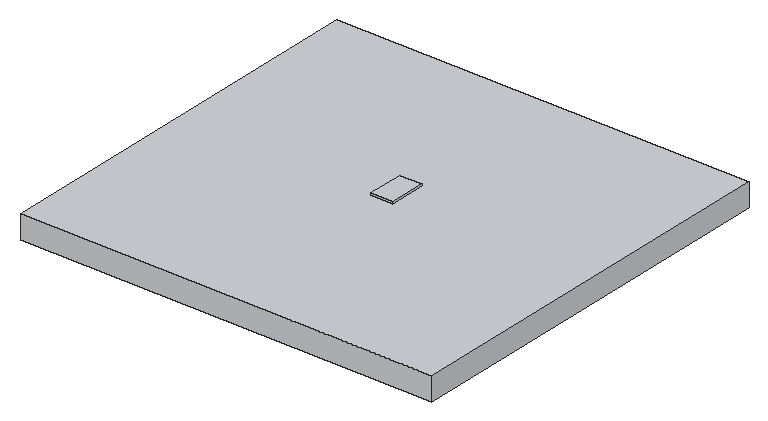
Revit family "4112aac8db054900bd03c7928ebb8204", category Electrical Fixtures, host Face, Revit 2026
Family settings
  Host = Face
  Round Connector Dimension = Use Diameter
  Part Type = Normal
  Seek Item ID = Duplex Receptacle-0000-CAN-ENU
  Cut with Voids When Loaded = No
  Maintain Annotation Orientation = Yes
  Shared = No
  Room Calculation Point = No
Parameters (values of type "GFCI")
  Switch Voltage = 120 V
  Load Classification = Receptacle
  Load = 180 VA
  Label = "GFCI"
  Default Elevation = 1200 mm
Types (2, lengths in mm): name | Label | Default Elevation
  GFCI | "GFCI" | 1200
  Standard | "" | 460
Reference planes
  plane 1 "Center (Front/Back)": y = 0
  plane 2: z = 0
  plane 3 "Center (Left/Right)": x = 0
  plane 4: x = -34.925
  plane 5: x = 34.925
  plane 6: x = -19.05
  plane 7: x = 19.05
  plane 8: y = 57.15
  plane 9: y = -57.15
  plane 10: y = 38.1
  plane 11: y = -38.1
  plane 12 "level above": z = 4.762
  plane 13 "level below": z = -53.975
Forms (mm)
  Extrusion 1, solid
    sketch origin (0, 0, 0) x (1, 0, 0) y (0, 1, 0)
      loop
        line (-644.525, 571.5) -> (-644.525, -666.75) -> (644.525, -666.75) -> (644.525, 571.5) -> (-644.525, 571.5)
    from 0 to -72.672
  Extrusion 2, solid
    sketch origin (0, 0, 0) x (1, 0, 0) y (0, 1, 0)
      loop
        line (-34.925, 57.15) -> (-34.925, -57.15) -> (34.925, -57.15) -> (34.925, 57.15) -> (-34.925, 57.15)
    from 0 to 4.762
  Extrusion 3, solid
    sketch origin (0, 0, 0) x (1, 0, 0) y (0, 1, 0)
      loop
        line (-19.05, 38.1) -> (-19.05, -38.1) -> (19.05, -38.1) -> (19.05, 38.1) -> (-19.05, 38.1)
    from 0 to -53.975
Lines and regions (mm)
  symbolic lines, detail levels fine
    curve 1: line (34.925, 0, 4.762) -> (-34.925, 0, 4.762)
    curve 2: line (34.925, 0, 0) -> (34.925, 0, 4.762)
    curve 3: line (-34.925, 0, 0) -> (34.925, 0, 0)
    curve 4: line (-34.925, 0, 4.762) -> (-34.925, 0, 0)
    curve 5: line (19.05, 0, -53.975) -> (-19.05, 0, -53.975)
    curve 6: line (19.05, 0, 0) -> (19.05, 0, -53.975)
    curve 7: line (-19.05, 0, -53.975) -> (-19.05, 0, 0)
Dimensions and locks
  equal spacing: plane 6, plane 3 "Center (Left/Right)", plane 7, locked at 19.05 each
  locked: plane 6 to plane 7 at 38.1
  equal spacing: plane 4, plane 3 "Center (Left/Right)", plane 5, locked at 34.925 each
  locked: plane 4 to plane 5 at 69.85
  locked: plane 8 to plane 9 at 114.3
  locked: plane 12 "level above" to level at 4.763
  locked: level to plane 13 "level below" at 53.975
  locked: plane 10 to plane 11 at 76.2
  equal spacing: plane 10, plane 1 "Center (Front/Back)", plane 11, locked at 38.1 each
  equal spacing: plane 8, plane 1 "Center (Front/Back)", plane 9, locked at 57.15 each
  aligned and locked: plane 2 to Extrusion 1
  aligned and locked: level to Extrusion 1
  aligned and locked: plane 8 to Extrusion 2
  aligned and locked: Extrusion 2 to plane 9
  aligned and locked: plane 5 to Extrusion 2
  aligned and locked: Extrusion 2 to plane 4
  aligned and locked: Extrusion 2 to level
  aligned and locked: plane 12 "level above" to Extrusion 2
  aligned and locked: plane 10 to Extrusion 3
  aligned and locked: Extrusion 3 to plane 6
  aligned and locked: plane 7 to Extrusion 3
  aligned and locked: Extrusion 3 to plane 11
  aligned and locked: Extrusion 3 to level
  aligned and locked: Extrusion 3 to plane 13 "level below"
  aligned and locked: plane 1 "Center (Front/Back)" to nested 1
  aligned and locked: plane 3 "Center (Left/Right)" to nested 1
  aligned and locked: plane 2 to curve 3
  aligned and locked: curve 1 to plane 12 "level above"
  aligned and locked: curve 4 to plane 4
  aligned and locked: plane 5 to curve 2
  aligned and locked: curve 7 to plane 6
  aligned and locked: plane 7 to curve 6
  aligned and locked: plane 13 "level below" to curve 5
Automatic sketch dimensions
  Extrusion 2 sketch curve to plane 4 = 0 mm
  Extrusion 2 sketch curve to plane 5 = 0 mm
  Extrusion 2 sketch curve to plane 9 = 0 mm
  Extrusion 2 sketch curve to plane 8 = 0 mm
  Extrusion 3 sketch curve to plane 6 = 0 mm
  Extrusion 3 sketch curve to plane 7 = 0 mm
  Extrusion 3 sketch curve to plane 11 = 0 mm
  Extrusion 3 sketch curve to plane 10 = 0 mm
  Extrusion 1 sketch curve to Extrusion 1 sketch curve = 1289.05 mm
  Extrusion 1 sketch curve to Extrusion 1 sketch curve = 1238.25 mm
Nested families
  nested 1: "M_Duplex Annotation" at (0, 0, 0), Label <- "Label", type "M_Duplex Annotation", detail levels coarse+medium
    with Label "GFCI"
Connectors
  electrical at (0, 38.1, -26.988), driven by "Switch Voltage", driven by "Load", driven by "Load Classification"
    settings: on Extrusion 3, index 1, voltage 120 V, apparent load 0 VA, apparent load phase1 180 VA, apparent load phase2 0 VA, apparent load phase3 0 VA, power factor 1, load classification "Receptacle", number of poles 1, system type 31, power factor state 1, is connector primary yes, connector utility no, sub classification motor no, connector description ""
Definition of nested family "M_Duplex Annotation"
  Parameters
    Label [instance] = ""
  Reference planes
    plane 1: y = 0
    plane 2: x = 0
  Lines and regions (mm)
    detail lines
      curve 1: line (-0.446, 0, 0) -> (-0.446, 4.366, 0)
      curve 2: circle (0, 3.05, 0) r 1.389 normal (0, 0, 1)
      curve 3: line (0.446, 0, 0) -> (0.446, 4.366, 0)
  Text (mm)
    label "A" at (0.799, 0.386, 0), shows "Label"
  Dimensions and locks
    equal spacing: curve 1, plane 2, curve 3
    locked: plane 2 to curve 3 at 0.446
    curve 1 to curve 3 = 0.893 mm
    aligned and locked: plane 2 to curve 2
